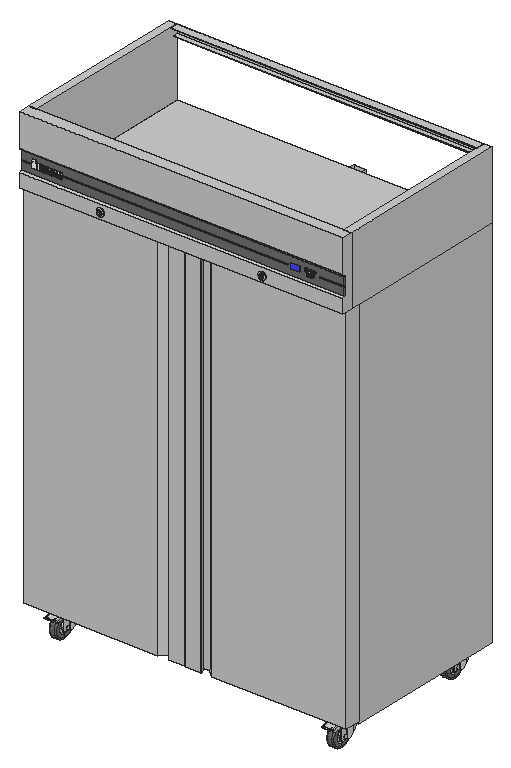
Revit family "QF_INOMAK_CFP2144_250513104343", category Specialty Equipment, Revit 2021
Family settings
  Round Connector Dimension = Use Diameter
  Part Type = Normal
  OmniClass Number = 23.40.40.14
  OmniClass Title = Food Service Equipment
  Work Plane-Based = No
  Always vertical = Yes
  Cut with Voids When Loaded = No
  Shared = No
  Room Calculation Point = No
Parameters (values of type "CFP2144")
  Weight [instance] = 207.999 kg
  Warranty Start Date [instance] = ""
  Warranty Duration [instance] = ""
  Volts [instance] = 230 V
  Volt Free Conn [instance] = no
  URL Recommended Spares List [instance] = ""
  URL Manufacturer [instance] = ""
  URL Cutsheet [instance] = ""
  URL Critical Spares List [instance] = ""
  URL = "www.inomak.com"
  Technical Documentation [instance] = ""
  Tag Number [instance] = ""
  Status [instance] = ""
  Start Up Current [instance] = 0 A
  Specification by User [instance] = ""
  Specification by Manufacturer [instance] = ""
  Sound Level [instance] = ""
  Show Logo [instance] = yes
  Show Clearances [instance] = yes
  Service Life Duration [instance] = ""
  Serial Number [instance] = ""
  Seismic Rating [instance] = ""
  SMACNA No [instance] = ""
  Revision Code [instance] = ""
  Revision [instance] = ""
  Production Year [instance] = ""
  Potential Equalisation [instance] = no
  Point Load [instance] = 0
  Phase [instance] = 1
  Other Equipment Approvals [instance] = ""
  Operational Current [instance] = 0 A
  Number of Poles [instance] = 2
  No Load Power Draw [instance] = no
  NAFEM Spec ID Number [instance] = ""
  Model Warning [instance] = ""
  Model = "CFP2144"
  Min Ckt Ampacity [instance] = 0 A
  Max Overcurrent Protection [instance] = 10 A
  Masterspec [instance] = ""
  Manufacturer = "INOMAK"
  Main switch integrated [instance] = no
  Length Actual [instance] = 1439.926 mm
  Item Number [instance] = ""
  Installed By [instance] = ""
  Installation Date [instance] = ""
  Identify Quantity as Lot [instance] = no
  ID [instance] = ""
  Hygiene Approval [instance] = ""
  Height Actual [instance] = 2100.072 mm
  HP power [instance] = ""
  Furnished By [instance] = ""
  Foodservice Equipment Identifier [instance] = no
  FL Amps [instance] = 6 A
  Electrical Remarks [instance] = ""
  Electric power [instance] = 960 W
  Electric Connection Type [instance] = ""
  Elec Conn RI Height [instance] = 0 mm
  Elec Conn Connection Height [instance] = 0 mm
  ETL Approved [instance] = no
  Description = "CASTANEA FREEZER CABINET WITH 2 GN 2/1 DOORS"
  Depth Actual [instance] = 867.918 mm
  Default Elevation = 0 mm
  Cycle [instance] = 50 Hz
  Cost = 0
  Connection to energy optimisation system [instance] = yes
  Conn Plug [instance] = ""
  Conn Conduit [instance] = no
  Centralized building control system with digital interface [instance] = ""
  CSI MasterFormat [instance] = ""
  CE Approved [instance] = no
  Barcode [instance] = 0
  Author [instance] = ""
  Asset Identifier [instance] = ""
  Apparent Power [instance] = 960 VA
  Accessory [instance] = no
Reference planes
  plane 1 "Center (Front/Back)": y = 0
  plane 2: z = 0
  plane 3 "Center (Left/Right)": x = 0
Forms (mm)
  Extrusion 1, solid, not visible
    sketch origin (1210.059, -2, 1930.094) x (1, 0, 0) y (0, 1, 0)
      loop
        line (-2, 2) -> (-2, -2) -> (2, -2) -> (2, 2) -> (-2, 2)
    from -2 to 2
Dimensions and locks
  locked: Extrusion 1 to nested 2
  locked: nested 2 to Extrusion 1 at 2
  aligned and locked: level to plane 2
Nested families
  nested 1: "QF_INOMAK_REF_CABINETS_2144_2920" at (0, 0, 130), type "CFP2144"
    with Weight 207.999 kg, Warranty Start Date "", Warranty Duration "", URL Cutsheet "", Technical Documentation "", Tag Number "", Status "", Specification by User "", Specification by Manufacturer "", Sound Level "", Solid Fuel Type "", Show Clearances yes, Show Clearance yes, Service Life Duration "", Serial Number "", Seismic Rating "", SMACNA No "", Revision Code "", Revision "", Production Year "", Point Load 0, Other Equipment Approvals "", NAFEM Spec ID Number "", Model Warning "", Masterspec "", Length Actual 1439.926 mm, Item Number "", Installed By "", Installation Date "", Identify Quantity as Lot yes, ID "", Hygiene Approval "", Height Actual 2100.072 mm, Furnished By "", Foodservice Equipment Identifier yes, Finish none, ETL Approved yes, Depth Actual 867.918 mm, CSI MasterFormat "", CE Approved yes, Barcode "", Author "", Asset Identifier "", Accessory no
  nested 2: "CONN_POINT_ELE_2D___Generic_Annotation" at (1210.059, 0, 1930.094), type "CONN_POINT_ELE_2D___Generic_Annotation"
    with Onboard connection annotation symbol visibility yes
  nested 3: "QF_INOMAK_CASTORS_4703" at (0, 0, 0), type "CT-1440-830"
    with Weight 0.00 kg, Warranty Start Date "", Warranty Duration "", URL Cutsheet "", Technical Documentation "", Tag Number "", Status "", Specification by User "", Specification by Manufacturer "", Sound Level "", Solid Fuel Type "", Show Logo yes, Show Clearances yes, Service Life Duration "", Serial Number "", Seismic Rating "", SMACNA No "", Revision Code "", Revision "", Production Year "", Point Load 0, Other Equipment Approvals "", NAFEM Spec ID Number "", Model Warning "", Masterspec "", Length Actual 1439.926 mm, Item Number "", Installed By "", Installation Date "", Identify Quantity as Lot yes, ID "", Hygiene Approval "", Height Actual 130.048 mm, Furnished By "", Foodservice Equipment Identifier yes, ETL Approved yes, Depth Actual 830.072 mm, CSI MasterFormat "", CE Approved yes, Barcode "", Author "", Asset Identifier "", Accessory yes
Connectors
  electrical at (1210.059, 0, 1930.094), driven by "Apparent Power", driven by "Number of Poles", driven by "Volts"
    settings: on Extrusion 1, index 1, voltage 230 V, apparent load 0 VA, apparent load phase1 960 VA, apparent load phase2 0 VA, apparent load phase3 0 VA, power factor 1, load classification "Other", number of poles 2, system type 31, power factor state 1, is connector primary yes, connector utility no, sub classification motor no, connector description "Electrical connection for CFP2144"
Definition of nested family "QF_INOMAK_REF_CABINETS_2144_2920"
  Parameters (values of type "CFP2144")
    Weight [instance] = 0.00 kg
    Warranty Start Date [instance] = ""
    Warranty Duration [instance] = ""
    URL Cutsheet [instance] = ""
    URL = "www.inomak.com"
    Technical Documentation [instance] = ""
    Tag Number [instance] = ""
    Status [instance] = ""
    Specification by User [instance] = ""
    Specification by Manufacturer [instance] = ""
    Sound Level [instance] = ""
    Solid Fuel Type [instance] = ""
    Show Logo = yes
    Show Clearances [instance] = yes
    Show Clearance [instance] = yes
    Service Life Duration [instance] = ""
    Serial Number [instance] = ""
    Seismic Rating [instance] = ""
    SMACNA No [instance] = ""
    Revision Code [instance] = ""
    Revision [instance] = ""
    Production Year [instance] = ""
    Point Load [instance] = 0
    Other Equipment Approvals [instance] = ""
    NAFEM Spec ID Number [instance] = ""
    Model Warning [instance] = ""
    Model = "CFP2144"
    Masterspec [instance] = ""
    Manufacturer = "INOMAK"
    Length Actual [instance] = 0 mm
    Length = 720 mm
    Item Number [instance] = ""
    Installed By [instance] = ""
    Installation Date [instance] = ""
    Identify Quantity as Lot [instance] = yes
    ID [instance] = ""
    Hygiene Approval [instance] = ""
    Height Actual [instance] = 0 mm
    Height = 1985 mm
    Furnished By [instance] = ""
    Foodservice Equipment Identifier [instance] = yes
    Finish [instance] = none
    ETL Approved [instance] = yes
    Description = "CASTANEA FREEZER CABINET WITH 2 GN 2/1 DOORS"
    Depth Actual [instance] = 0 mm
    Depth = 832 mm
    Default Elevation = 0 mm
    CSI MasterFormat [instance] = ""
    CE Approved [instance] = yes
    Barcode [instance] = ""
    Author [instance] = ""
    Asset Identifier [instance] = ""
    Assembly Code = "E1090320"
    Accessory [instance] = yes
  Types (4, lengths in mm): name | Model | Description | Depth
    CFP2144 | "CFP2144" | "CASTANEA FREEZER CABINET WITH 2 GN 2/1 DOORS" | 832
    CEP2144 | "CEP2144" | "CYPRESS CHILLER CABINET WITH 2 GN 2/1 DOORS" | 832
    CEP2144-SL | "CEP2144/SL" | "CLOVER CHILLER CABINET WITH 2 GN 2/1 DOORS, COMPACT DIMENSIONS" | 732
    CFP2144-SL | "CFP2144/SL" | "CLOVER FREEZER CABINET WITH 2 GN 2/1 DOORS, COMPACT DIMENSIONS" | 732
  Reference planes
    plane 1 "Back": y = 0
    plane 2: z = 0
    plane 3 "Left": x = 0
    plane 4 "Right": x = 1440
    plane 5 "Front": y = -832
    plane 6 "Top": z = 1985
  Forms (mm)
    Extrusion 1, solid
      sketch origin (-1732.685, -832, 3995) x (-1, 0, 0) y (0, 0, 1)
        loop
          circle (-3004.815, -2199.02) r 6.965
        loop
          circle (-3021.846, -2199.02) r 6.965
        loop
          circle (-3038.855, -2199.02) r 6.965
        loop
          circle (-3013.341, -2217.021) r 6.965
        loop
          circle (-3030.35, -2217.021) r 6.965
        loop
          circle (-3004.815, -2199.02) r 3.965
        loop
          circle (-3021.846, -2199.02) r 3.965
        loop
          circle (-3038.855, -2199.02) r 3.965
        loop
          circle (-3013.341, -2217.021) r 3.965
        loop
          circle (-3030.35, -2217.021) r 3.965
      from 7.3 to 10.302
    Extrusion 2, solid
      sketch origin (-1732.685, -832, 3995) x (-1, 0, 0) y (0, 0, 1)
        loop
          line (-2977.026, -2195.289) -> (-2977.026, -2218.289) -> (-2937.026, -2218.289) -> (-2937.026, -2195.289) -> (-2977.026, -2195.289)
      from 7.3 to 10.302
    Extrusion 3, solid
      sketch origin (-1732.685, -832, 3995) x (-1, 0, 0) y (0, 0, 1)
        loop
          line (-1732.685, -2167.27) -> (-3172.685, -2167.27) -> (-3172.685, -2246.309) -> (-1732.685, -2246.309) -> (-1732.685, -2167.27)
      from 7.8 to 10.302
    Extrusion 4, solid, visible <- "Show Logo"
      sketch origin (-1732.685, -832, 3995) x (-1, 0, 0) y (0, 0, 1)
        loop
          line (-1776.745, -2194.74) -> (-1782.745, -2194.74) -> (-1782.745, -2183.633) -> (-1796.982, -2183.633) -> (-1796.982, -2194.74) -> (-1802.982, -2194.74) -> (-1802.982, -2220.99) -> (-1776.745, -2220.99) -> (-1776.745, -2194.74)
        loop
          line (-1807.298, -2195.052) -> (-1814.587, -2195.052) -> (-1814.587, -2220.99) -> (-1807.298, -2220.99) -> (-1807.298, -2195.052)
        loop
          line (-1817.107, -2220.99) -> (-1817.107, -2195.052) -> (-1823.94, -2195.052) -> (-1827.134, -2206.971) -> (-1827.134, -2195.052) -> (-1833.666, -2195.052) -> (-1833.666, -2220.99) -> (-1827.134, -2220.99) -> (-1823.42, -2207.127) -> (-1823.42, -2220.99) -> (-1817.107, -2220.99)
        loop
          line (-1854.348, -2220.99) -> (-1854.348, -2195.052) -> (-1863.311, -2195.052) -> (-1865.673, -2209.062) -> (-1868.035, -2195.052) -> (-1876.997, -2195.052) -> (-1876.997, -2220.99) -> (-1870.372, -2220.99) -> (-1870.372, -2207.127) -> (-1868.035, -2220.99) -> (-1863.311, -2220.99) -> (-1860.973, -2207.127) -> (-1860.973, -2220.99) -> (-1854.348, -2220.99)
        loop
          line (-1839.536, -2195.052) -> (-1848.861, -2195.052)
          arc (-1848.861, -2195.052) -> (-1851.458, -2196.128) -> (-1852.533, -2198.724) r 3.672
          line (-1852.533, -2198.724) -> (-1852.533, -2217.318)
          arc (-1852.533, -2217.318) -> (-1851.458, -2219.914) -> (-1848.861, -2220.99) r 3.672
          line (-1848.861, -2220.99) -> (-1839.536, -2220.99)
          arc (-1839.536, -2220.99) -> (-1836.939, -2219.914) -> (-1835.864, -2217.318) r 3.672
          line (-1835.864, -2217.318) -> (-1835.864, -2198.724)
          arc (-1835.864, -2198.724) -> (-1836.939, -2196.128) -> (-1839.536, -2195.052) r 3.672
        loop
          arc (-1843.172, -2198.208) -> (-1844.198, -2197.181) -> (-1845.225, -2198.208) r 1.027
          line (-1845.225, -2198.208) -> (-1845.225, -2216.801)
          arc (-1845.225, -2216.801) -> (-1844.198, -2217.828) -> (-1843.172, -2216.801) r 1.027
          line (-1843.172, -2216.801) -> (-1843.172, -2198.208)
        loop
          line (-1878.066, -2220.99) -> (-1882.439, -2195.052) -> (-1891.3, -2195.052) -> (-1895.673, -2220.99) -> (-1889.146, -2220.99) -> (-1888.536, -2216.027) -> (-1885.203, -2216.027) -> (-1884.593, -2220.99) -> (-1878.066, -2220.99)
        loop
          line (-1885.759, -2211.498) -> (-1886.87, -2202.452) -> (-1887.98, -2211.498) -> (-1885.759, -2211.498)
        loop
          line (-1896.638, -2220.99) -> (-1896.638, -2195.052) -> (-1903.263, -2195.052) -> (-1903.263, -2204.165) -> (-1906.049, -2195.052) -> (-1913.487, -2195.052) -> (-1909.159, -2206.329) -> (-1914.207, -2220.99) -> (-1906.623, -2220.99) -> (-1903.263, -2208.45) -> (-1903.263, -2220.99) -> (-1896.638, -2220.99)
      from 7.3 to 10.3
    Extrusion 5, solid
      sketch origin (-1732.685, -832, 3995) x (-1, 0, 0) y (0, 0, 1)
        loop
          line (-1732.685, -2204.789) -> (-1769.679, -2204.789) -> (-1769.679, -2208.789) -> (-1732.685, -2208.789) -> (-1732.685, -2204.789)
        loop
          line (-1918.161, -2204.789) -> (-2922.526, -2204.789) -> (-2922.526, -2208.789) -> (-1918.161, -2208.789) -> (-1918.161, -2204.789)
        loop
          line (-3172.685, -2204.789) -> (-3172.685, -2208.789) -> (-3064.916, -2208.789) -> (-3064.916, -2204.789) -> (-3172.685, -2204.789)
      from 7.3 to 10.302
    Extrusion 6, solid, material <- "Finish"
      sketch origin (0, 24.612, -1987) x (0, 1, 0) y (0, 0, 1)
        loop
          line (-856.612, 3972) -> (-856.612, 3823.032) -> (-848.31, 3814.73) -> (-848.31, 3735.691) -> (-856.612, 3727.389) -> (-856.612, 3667) -> (-806.612, 3667) -> (-806.612, 3972) -> (-856.612, 3972)
      from 0 to 1440
    Extrusion 7, solid, material <- "Finish"
      sketch origin (0, 0, 1985) x (0, 1, 0) y (-1, 0, 0)
        loop
          line (-782, 0) -> (-782, -35) -> (0, -35) -> (0, 0) -> (-782, 0)
      from 0 to -305
    Extrusion 8, solid, material <- "Finish"
      sketch origin (0, 0, 1985) x (0, 1, 0) y (-1, 0, 0)
        loop
          line (-782, -1440) -> (0, -1440) -> (0, -1405) -> (-782, -1405) -> (-782, -1440)
      from 0 to -305
    Extrusion 9, solid, material <- "Finish"
      sketch origin (360, 24.612, -1987) x (0, 1, 0) y (0, 0, 1)
        loop
          line (-806.612, 3863.915) -> (-806.612, 3667) -> (-686.934, 3667) -> (-686.934, 3744.237) -> (-806.612, 3863.915)
      from -325 to 1045
    Extrusion 10, solid, material <- "Finish"
      sketch origin (40, 24.612, -123) x (0, 1, 0) y (0, 0, 1)
        loop
          line (-683.378, 1913.946) -> (-698.935, 1929.502) -> (-717.143, 1911.294) -> (-715.729, 1909.88) -> (-698.935, 1926.674) -> (-684.793, 1912.532) -> (-683.378, 1913.946)
      from 114.953 to 225
    Extrusion 11, solid, material <- "Finish"
      sketch origin (0, 30.903, -1982) x (0, 1, 0) y (0, 0, 1)
        loop
          line (-30.903, 3967) -> (-70.903, 3967) -> (-70.903, 3965) -> (-32.903, 3965) -> (-32.903, 3929) -> (-55.903, 3929) -> (-55.903, 3927) -> (-30.903, 3927) -> (-30.903, 3967)
      from 35 to 1405
    Extrusion 12, solid, material <- "Finish"
      sketch origin (0, 30.903, -118) x (0, 1, 0) y (0, 0, 1)
        loop
          line (-30.903, 1798) -> (-772.903, 1798) -> (-772.903, 1733) -> (-100.876, 1733) -> (-100.876, 188) -> (-772.903, 188) -> (-772.903, 118) -> (-30.903, 118) -> (-30.903, 1798)
      from 35 to 1405
    Extrusion 13, solid, material <- "Finish"
      sketch origin (0, 30.903, -415.687) x (1, 0, 0) y (0, 1, 0)
        loop
          line (0, -772.903) -> (35, -772.903) -> (35, -30.903) -> (0, -30.903) -> (0, -772.903)
      from 415.687 to 2095.687
    Extrusion 14, solid, material <- "Finish"
      sketch origin (720, 30.903, -415.687) x (-1, 0, 0) y (0, -1, 0)
        loop
          line (-720, 772.903) -> (-720, 30.903) -> (-685, 30.903) -> (-685, 772.903) -> (-720, 772.903)
      from 415.687 to 2095.687
    Revolve 15, solid
      sketch origin (358.942, 24.612, -1987) x (0, 1, 0) y (0, 0, 1)
        loop
          line (-859.012, 3694.152) -> (-856.612, 3694.152) -> (-856.612, 3711.145) -> (-857.612, 3711.145) -> (-861.012, 3706.633) -> (-861.012, 3702.998) -> (-859.012, 3702.998) -> (-859.012, 3694.152)
        axis (-856.612, 3694.152) -> (-861.012, 3694.152)
      angle from 0 to 360
    Extrusion 16, solid
      sketch origin (-2452.685, -832, 3995) x (-1, 0, 0) y (0, 0, 1)
        loop
          line (-2810.827, -2284.348) -> (-2812.827, -2284.348) -> (-2812.827, -2291.348) -> (-2810.827, -2291.348) -> (-2810.827, -2284.348)
        loop
          circle (-2811.627, -2287.848) r 7.846
      from -4.4 to -2.4
    Revolve 17, solid
      sketch origin (1081.058, 24.612, -1987) x (0, 1, 0) y (0, 0, -1)
        loop
          line (-859.012, -3694.152) -> (-859.012, -3702.998) -> (-861.012, -3702.998) -> (-861.012, -3706.633) -> (-857.612, -3711.145) -> (-856.612, -3711.145) -> (-856.612, -3694.152) -> (-859.012, -3694.152)
        axis (-856.612, -3694.152) -> (-861.012, -3694.152)
      angle from 0 to 360
    Extrusion 18, solid
      sketch origin (3892.685, -832, 3995) x (1, 0, 0) y (0, 0, -1)
        loop
          line (-2810.827, 2284.348) -> (-2810.827, 2291.348) -> (-2812.827, 2291.348) -> (-2812.827, 2284.348) -> (-2810.827, 2284.348)
        loop
          circle (-2811.627, 2287.848) r 7.846
      from -4.4 to -2.4
    Extrusion 19, solid, material <- "Finish"
      sketch origin (1400, 24.612, -123) x (0, 1, 0) y (0, 0, -1)
        loop
          line (-683.378, -1913.946) -> (-684.793, -1912.532) -> (-698.935, -1926.674) -> (-715.729, -1909.88) -> (-717.143, -1911.294) -> (-698.935, -1929.502) -> (-683.378, -1913.946)
      from 114.953 to 225
    Extrusion 20, solid, visible <- "Show Clearance", detail levels coarse
      sketch origin (872.304, -180, -18) x (-1, 0, 0) y (0, -1, 0)
        loop
          line (872.304, 1302) -> (804.804, 1302)
          arc (804.804, 1302) -> (341.042, 1101.619) -> (154.804, 632) r 660.076
          line (154.804, 632) -> (872.304, 632) -> (872.304, 1302)
      from 28 to 1695
    Extrusion 21, solid, material <- "Finish"
      sketch origin (25.5, -748.447, 1286.729) x (0, 1, 0) y (-1, 0, 0)
        loop
          line (-63.553, 25.5) -> (-63.553, -575.562) -> (-33.678, -605.437) -> (-33.678, -650.304) -> (-47.56, -652.255) -> (-51.238, -626.088) -> (-60.737, -620.603)
          arc (-60.737, -620.603) -> (-62.614, -620.603) -> (-63.553, -622.228) r 1.877
          line (-63.553, -622.228) -> (-63.553, -692) -> (6.447, -692) -> (6.447, 25.5) -> (-63.553, 25.5)
      from -1276.729 to 390.271
    Extrusion 22, solid, visible <- "Show Clearance", detail levels coarse
      sketch origin (567.696, -180, -18) x (1, 0, 0) y (0, 1, 0)
        loop
          line (872.304, -1302) -> (872.304, -632) -> (154.804, -632)
          arc (154.804, -632) -> (341.042, -1101.619) -> (804.804, -1302) r 660.076
          line (804.804, -1302) -> (872.304, -1302)
      from 28 to 1695
    Extrusion 23, solid, material <- "Finish"
      sketch origin (1414.5, -748.447, 1286.729) x (0, 1, 0) y (-1, 0, 0)
        loop
          line (-63.553, -25.5) -> (6.447, -25.5) -> (6.447, 692) -> (-63.553, 692) -> (-63.553, 622.228)
          arc (-63.553, 622.228) -> (-62.614, 620.603) -> (-60.737, 620.603) r 1.877
          line (-60.737, 620.603) -> (-51.238, 626.088) -> (-47.56, 652.255) -> (-33.678, 650.304) -> (-33.678, 605.437) -> (-63.553, 575.562) -> (-63.553, -25.5)
      from -1276.729 to 390.271
    Extrusion 24, solid, material <- "Finish"
      sketch origin (360, 30.903, -118) x (1, 0, 0) y (0, 1, 0)
        loop
          line (187, 5.097) -> (187, -29.903) -> (175, -29.903) -> (175, -30.903) -> (545, -30.903) -> (545, -29.903) -> (533, -29.903) -> (533, 5.097) -> (187, 5.097)
      from 1156 to 1531
    Extrusion 25, solid, material <- "Finish"
      sketch origin (460, 30.903, -118) x (1, 0, 0) y (0, 1, 0)
        loop
          line (339, 0.097) -> (339, -29.903) -> (325, -29.903) -> (325, -30.903) -> (340, -30.903) -> (340, -0.903) -> (393, -0.903) -> (393, -30.903) -> (408, -30.903) -> (408, -29.903) -> (394, -29.903) -> (394, 0.097) -> (339, 0.097)
      from 1531 to 1793
  Lines and regions (mm)
    symbolic lines
      curve 1: line (0, 0, 0) -> (1440, 0, 0)
      curve 2: line (0, -832, 0) -> (0, 0, 0)
      curve 3: line (1440, -832, 0) -> (0, -832, 0)
      curve 4: line (1440, 0, 0) -> (1440, -832, 0)
      curve 5: line (35, 0, 0) -> (35, -782, 0)
      curve 6: line (35, -782, 0) -> (1405, -782, 0)
      curve 7: line (1405, -782, 0) -> (1405, 0, 0)
      curve 8: line (35, -40, 0) -> (1405, -40, 0)
      curve 9: line (35, -662.322, 0) -> (1405, -662.322, 0)
      curve 16: line (547, 1, 0) -> (547, 36, 0)
      curve 17: line (547, 36, 0) -> (893, 36, 0)
      curve 18: line (893, 36, 0) -> (893, 1, 0)
      curve 19: line (547, 1, 0) -> (535, 1, 0)
      curve 20: line (535, 1, 0) -> (535, 0, 0)
      curve 21: line (893, 1, 0) -> (905, 1, 0)
      curve 22: line (905, 1, 0) -> (905, 0, 0)
      curve 23: line (785, 0, 0) -> (785, 1, 0)
      curve 24: line (785, 1, 0) -> (799, 1, 0)
      curve 25: line (799, 1, 0) -> (799, 31, 0)
      curve 26: line (799, 31, 0) -> (854, 31, 0)
      curve 27: line (854, 31, 0) -> (854, 1, 0)
      curve 28: line (854, 1, 0) -> (868, 1, 0)
      curve 29: line (868, 1, 0) -> (868, 0, 0)
    symbolic lines, visible <- "Show Clearance"
      curve 10: line (67.5, -1482, 0) -> (0, -1482, 0)
      curve 11: line (0, -1482, 0) -> (0, -832, 0)
      curve 12: arc (717.5, -832, 0) -> (524.244, -1288.744, 0) -> (67.5, -1482, 0) r 660.076
      curve 13: line (1372.5, -1482, 0) -> (1440, -1482, 0)
      curve 14: line (1440, -1482, 0) -> (1440, -832, 0)
      curve 15: arc (722.5, -832, 0) -> (915.756, -1288.744, 0) -> (1372.5, -1482, 0) r 660.076
  Dimensions and locks
    plane 3 "Left" to plane 4 "Right" = 1440 mm
    "Depth": plane 5 "Front" to plane 1 "Back"
    "Height": plane 6 "Top" to level
    plane 6 "Top" to level = 1985 mm
    aligned and locked: level to plane 2
    aligned and locked: plane 6 "Top" to Extrusion 6 sketch curve
  Automatic sketch dimensions
    Extrusion 1 sketch curve to Extrusion 1 sketch curve = 0 mm  (x13)
    plane 4 "Right" to Extrusion 1 sketch curve = 133.83 mm
    Extrusion 1 sketch curve to Extrusion 1 sketch curve = 8.505 mm
    Extrusion 1 sketch curve to Extrusion 1 sketch curve = 17.009 mm  (x2)
    Extrusion 1 sketch curve to Extrusion 1 sketch curve = 17.03 mm
    Extrusion 1 sketch curve to plane 6 "Top" = 207.021 mm
    Extrusion 1 sketch curve to Extrusion 1 sketch curve = 18.001 mm
    plane 4 "Right" to Extrusion 2 sketch curve = 195.659 mm
    Extrusion 2 sketch curve to Extrusion 2 sketch curve = 40 mm
    Extrusion 2 sketch curve to plane 6 "Top" = 208.289 mm
    Extrusion 2 sketch curve to Extrusion 2 sketch curve = 23 mm
    plane 4 "Right" to Extrusion 3 sketch curve = 0 mm
    Extrusion 3 sketch curve to plane 3 "Left" = 0 mm
    Extrusion 3 sketch curve to plane 6 "Top" = 236.309 mm
    Extrusion 3 sketch curve to Extrusion 3 sketch curve = 79.039 mm
    plane 3 "Left" to Extrusion 4 sketch curve = 181.522 mm
    Extrusion 4 sketch curve to Extrusion 4 sketch curve = 0.72 mm
    Extrusion 4 sketch curve to Extrusion 4 sketch curve = 4.329 mm
    Extrusion 4 sketch curve to Extrusion 4 sketch curve = 7.584 mm
    Extrusion 4 sketch curve to Extrusion 4 sketch curve = 7.438 mm
    Extrusion 4 sketch curve to Extrusion 4 sketch curve = 5.895 mm
    Extrusion 4 sketch curve to Extrusion 4 sketch curve = 0 mm  (x16)
    Extrusion 4 sketch curve to Extrusion 4 sketch curve = 6.625 mm  (x2)
    Extrusion 4 sketch curve to Extrusion 4 sketch curve = 0.965 mm
    Extrusion 4 sketch curve to Extrusion 4 sketch curve = 5.338 mm
    Extrusion 4 sketch curve to Extrusion 4 sketch curve = 6.527 mm  (x2)
    Extrusion 4 sketch curve to Extrusion 4 sketch curve = 0.609 mm
    Extrusion 4 sketch curve to Extrusion 4 sketch curve = 0.556 mm
    Extrusion 4 sketch curve to Extrusion 4 sketch curve = 4.43 mm  (x2)
    Extrusion 4 sketch curve to Extrusion 4 sketch curve = 2.222 mm
    Extrusion 4 sketch curve to Extrusion 4 sketch curve = 3.334 mm
    Extrusion 4 sketch curve to Extrusion 4 sketch curve = 4.552 mm
    Extrusion 4 sketch curve to Extrusion 4 sketch curve = 1.069 mm
    Extrusion 4 sketch curve to Extrusion 4 sketch curve = 8.962 mm  (x2)
    Extrusion 4 sketch curve to Extrusion 4 sketch curve = 2.337 mm
    Extrusion 4 sketch curve to Extrusion 4 sketch curve = 4.699 mm  (x2)
    Extrusion 4 sketch curve to Extrusion 4 sketch curve = 4.724 mm  (x2)
    Extrusion 4 sketch curve to Extrusion 4 sketch curve = 1.815 mm
    Extrusion 4 sketch curve to Extrusion 4 sketch curve = 3.672 mm  (x6)
    Extrusion 4 sketch curve to Extrusion 4 sketch curve = 3.636 mm  (x3)
    Extrusion 4 sketch curve to Extrusion 4 sketch curve = 1.027 mm
    Extrusion 4 sketch curve to Extrusion 4 sketch curve = 2.197 mm
    Extrusion 4 sketch curve to Extrusion 4 sketch curve = 6.532 mm  (x2)
    Extrusion 4 sketch curve to Extrusion 4 sketch curve = 3.194 mm
    Extrusion 4 sketch curve to Extrusion 4 sketch curve = 3.714 mm
    Extrusion 4 sketch curve to Extrusion 4 sketch curve = 6.312 mm
    Extrusion 4 sketch curve to Extrusion 4 sketch curve = 2.52 mm
    Extrusion 4 sketch curve to Extrusion 4 sketch curve = 7.29 mm
    Extrusion 4 sketch curve to Extrusion 4 sketch curve = 4.315 mm
    Extrusion 4 sketch curve to Extrusion 4 sketch curve = 6 mm
    Extrusion 4 sketch curve to Extrusion 4 sketch curve = 14.237 mm
    Extrusion 4 sketch curve to Extrusion 4 sketch curve = 26.237 mm
    Extrusion 4 sketch curve to plane 6 "Top" = 210.99 mm
    Extrusion 4 sketch curve to Extrusion 4 sketch curve = 0.516 mm  (x2)
    Extrusion 4 sketch curve to Extrusion 4 sketch curve = 4.963 mm
    Extrusion 4 sketch curve to Extrusion 4 sketch curve = 4.529 mm
    Extrusion 4 sketch curve to Extrusion 4 sketch curve = 11.927 mm
    Extrusion 4 sketch curve to Extrusion 4 sketch curve = 12.539 mm
    Extrusion 4 sketch curve to Extrusion 4 sketch curve = 1.935 mm  (x2)
    Extrusion 4 sketch curve to Extrusion 4 sketch curve = 13.862 mm
    Extrusion 4 sketch curve to Extrusion 4 sketch curve = 0.157 mm
    Extrusion 4 sketch curve to Extrusion 4 sketch curve = 2.122 mm
    Extrusion 4 sketch curve to Extrusion 4 sketch curve = 4.285 mm
    Extrusion 4 sketch curve to Extrusion 4 sketch curve = 9.047 mm
    Extrusion 4 sketch curve to Extrusion 4 sketch curve = 8.403 mm
    Extrusion 4 sketch curve to Extrusion 4 sketch curve = 12.075 mm
    Extrusion 4 sketch curve to Extrusion 4 sketch curve = 26.25 mm
    Extrusion 4 sketch curve to Extrusion 4 sketch curve = 0.312 mm
    Extrusion 4 sketch curve to Extrusion 4 sketch curve = 11.107 mm
    plane 4 "Right" to Extrusion 5 sketch curve = 0 mm
    Extrusion 5 sketch curve to plane 3 "Left" = 0 mm
    Extrusion 5 sketch curve to Extrusion 5 sketch curve = 107.768 mm
    Extrusion 5 sketch curve to Extrusion 5 sketch curve = 142.39 mm
    plane 3 "Left" to Extrusion 5 sketch curve = 185.476 mm
    plane 3 "Left" to Extrusion 5 sketch curve = 36.995 mm
    Extrusion 5 sketch curve to plane 6 "Top" = 198.789 mm
    Extrusion 5 sketch curve to Extrusion 5 sketch curve = 0 mm  (x2)
    Extrusion 5 sketch curve to Extrusion 5 sketch curve = 4 mm  (x3)
    Extrusion 6 sketch curve to plane 5 "Front" = 0 mm  (x2)
    plane 5 "Front" to Extrusion 6 sketch curve = 8.302 mm
    Extrusion 6 sketch curve to Extrusion 6 sketch curve = 50 mm
    Extrusion 6 sketch curve to plane 6 "Top" = 148.968 mm
    Extrusion 6 sketch curve to Extrusion 6 sketch curve = 8.302 mm  (x2)
    Extrusion 6 sketch curve to Extrusion 6 sketch curve = 79.039 mm
    Extrusion 6 sketch curve to Extrusion 6 sketch curve = 60.389 mm
    plane 5 "Front" to Extrusion 9 sketch curve = 50 mm
    Extrusion 9 sketch curve to Extrusion 9 sketch curve = 119.678 mm
    Extrusion 9 sketch curve to plane 6 "Top" = 305 mm
    Extrusion 9 sketch curve to Extrusion 9 sketch curve = 77.237 mm
    Extrusion 9 sketch curve to plane 6 "Top" = 108.085 mm
    plane 5 "Front" to Extrusion 10 sketch curve = 139.47 mm
    Extrusion 10 sketch curve to Extrusion 10 sketch curve = 1.414 mm  (x2)
    Extrusion 10 sketch curve to Extrusion 10 sketch curve = 16.794 mm
    Extrusion 10 sketch curve to Extrusion 10 sketch curve = 0 mm
    Extrusion 10 sketch curve to Extrusion 10 sketch curve = 14.142 mm
    Extrusion 10 sketch curve to plane 6 "Top" = 198.12 mm
    Extrusion 11 sketch curve to plane 6 "Top" = 0 mm
    Extrusion 11 sketch curve to plane 1 "Back" = 0 mm
    plane 1 "Back" to Extrusion 11 sketch curve = 2 mm
    Extrusion 11 sketch curve to Extrusion 11 sketch curve = 23 mm
    Extrusion 11 sketch curve to Extrusion 11 sketch curve = 38 mm
    Extrusion 11 sketch curve to Extrusion 11 sketch curve = 2 mm  (x2)
    Extrusion 11 sketch curve to Extrusion 11 sketch curve = 36 mm
    Extrusion 12 sketch curve to level = 0 mm
    Extrusion 12 sketch curve to plane 1 "Back" = 0 mm
    plane 1 "Back" to Extrusion 12 sketch curve = 69.973 mm
    plane 5 "Front" to Extrusion 12 sketch curve = 90 mm  (x2)
    level to Extrusion 12 sketch curve = 70 mm
    Extrusion 12 sketch curve to plane 6 "Top" = 370 mm
    Extrusion 12 sketch curve to Extrusion 12 sketch curve = 65 mm
    plane 1 "Back" to Extrusion 13 sketch curve = 0 mm
    Extrusion 13 sketch curve to plane 3 "Left" = 0 mm
    plane 3 "Left" to Extrusion 13 sketch curve = 35 mm
    plane 5 "Front" to Extrusion 13 sketch curve = 90 mm
    plane 1 "Back" to Extrusion 14 sketch curve = 0 mm
    Extrusion 14 sketch curve to plane 4 "Right" = 0 mm
    Extrusion 14 sketch curve to Extrusion 14 sketch curve = 35 mm
    plane 5 "Front" to Extrusion 14 sketch curve = 90 mm
    Revolve 15 sketch curve to plane 5 "Front" = 0 mm
    Revolve 15 sketch curve to plane 5 "Front" = 1 mm
    Revolve 15 sketch curve to plane 5 "Front" = 2.4 mm
    Revolve 15 sketch curve to Revolve 15 sketch curve = 2 mm
    Revolve 15 sketch curve to plane 6 "Top" = 277.848 mm
    Revolve 15 sketch curve to Revolve 15 sketch curve = 8.846 mm
    Revolve 15 sketch curve to Revolve 15 sketch curve = 3.635 mm
    Revolve 15 sketch curve to Revolve 15 sketch curve = 4.512 mm
    Revolve 15 sketch curve to Revolve 15 sketch curve = 0 mm  (x2)
    Revolve 15 sketch curve to Revolve 15 sketch curve = 4.096 mm
    plane 3 "Left" to Extrusion 16 sketch curve = 360.142 mm
    Extrusion 16 sketch curve to Extrusion 16 sketch curve = 1.2 mm
    Extrusion 16 sketch curve to Extrusion 16 sketch curve = 2 mm
    Extrusion 16 sketch curve to plane 6 "Top" = 281.348 mm
    Extrusion 16 sketch curve to Extrusion 16 sketch curve = 3.5 mm  (x2)
    Revolve 17 sketch curve to plane 5 "Front" = 0 mm
    Revolve 17 sketch curve to plane 5 "Front" = 1 mm
    Revolve 17 sketch curve to plane 5 "Front" = 2.4 mm
    Revolve 17 sketch curve to Revolve 17 sketch curve = 2 mm
    Revolve 17 sketch curve to plane 6 "Top" = 260.855 mm
    Revolve 17 sketch curve to Revolve 17 sketch curve = 4.512 mm
    Revolve 17 sketch curve to Revolve 17 sketch curve = 3.635 mm
    Revolve 17 sketch curve to Revolve 17 sketch curve = 8.846 mm
    Revolve 17 sketch curve to Revolve 17 sketch curve = 0 mm  (x2)
    Revolve 17 sketch curve to Revolve 17 sketch curve = 4.096 mm
    plane 4 "Right" to Extrusion 18 sketch curve = 360.142 mm
    Extrusion 18 sketch curve to Extrusion 18 sketch curve = 1.2 mm
    Extrusion 18 sketch curve to Extrusion 18 sketch curve = 2 mm
    Extrusion 18 sketch curve to plane 6 "Top" = 274.348 mm
    Extrusion 18 sketch curve to Extrusion 18 sketch curve = 3.5 mm  (x2)
    plane 5 "Front" to Extrusion 19 sketch curve = 139.47 mm
    Extrusion 19 sketch curve to Extrusion 19 sketch curve = 1.414 mm
    Extrusion 19 sketch curve to Extrusion 19 sketch curve = 16.794 mm
    Extrusion 19 sketch curve to Extrusion 19 sketch curve = 0 mm
    Extrusion 19 sketch curve to Extrusion 19 sketch curve = 14.142 mm
    Extrusion 19 sketch curve to plane 6 "Top" = 178.498 mm
    Extrusion 19 sketch curve to Extrusion 19 sketch curve = 12.728 mm
    Extrusion 20 sketch curve to plane 3 "Left" = 0 mm
    plane 5 "Front" to Extrusion 20 sketch curve = 10 mm
    plane 3 "Left" to Extrusion 20 sketch curve = 57.5 mm
    plane 3 "Left" to Extrusion 20 sketch curve = 67.5 mm
    plane 5 "Front" to Extrusion 20 sketch curve = 20 mm
    Extrusion 20 sketch curve to Extrusion 20 sketch curve = 660 mm
    Extrusion 21 sketch curve to plane 3 "Left" = 0 mm
    plane 5 "Front" to Extrusion 21 sketch curve = 20 mm  (x2)
    Extrusion 21 sketch curve to Extrusion 21 sketch curve = 1.877 mm
    Extrusion 21 sketch curve to Extrusion 21 sketch curve = 0.938 mm
    Extrusion 21 sketch curve to Extrusion 21 sketch curve = 9.5 mm
    Extrusion 21 sketch curve to Extrusion 21 sketch curve = 3.678 mm
    Extrusion 21 sketch curve to Extrusion 21 sketch curve = 13.882 mm
    Extrusion 21 sketch curve to Extrusion 21 sketch curve = 70 mm
    plane 3 "Left" to Extrusion 21 sketch curve = 601.062 mm
    Extrusion 21 sketch curve to Extrusion 21 sketch curve = 29.874 mm
    Extrusion 21 sketch curve to Extrusion 21 sketch curve = 15.166 mm
    Extrusion 21 sketch curve to Extrusion 21 sketch curve = 5.485 mm
    Extrusion 21 sketch curve to Extrusion 21 sketch curve = 24.216 mm
    Extrusion 21 sketch curve to Extrusion 21 sketch curve = 41.696 mm
    Extrusion 22 sketch curve to plane 4 "Right" = 0 mm
    plane 5 "Front" to Extrusion 22 sketch curve = 10 mm
    plane 4 "Right" to Extrusion 22 sketch curve = 57.5 mm
    plane 4 "Right" to Extrusion 22 sketch curve = 67.5 mm
    plane 5 "Front" to Extrusion 22 sketch curve = 20 mm
    Extrusion 22 sketch curve to Extrusion 22 sketch curve = 660 mm
    Extrusion 23 sketch curve to plane 4 "Right" = 0 mm
    plane 5 "Front" to Extrusion 23 sketch curve = 20 mm  (x2)
    Extrusion 23 sketch curve to Extrusion 23 sketch curve = 1.877 mm
    Extrusion 23 sketch curve to Extrusion 23 sketch curve = 0.938 mm
    Extrusion 23 sketch curve to Extrusion 23 sketch curve = 9.5 mm
    Extrusion 23 sketch curve to Extrusion 23 sketch curve = 3.678 mm
    Extrusion 23 sketch curve to Extrusion 23 sketch curve = 13.882 mm
    Extrusion 23 sketch curve to Extrusion 23 sketch curve = 70 mm
    plane 4 "Right" to Extrusion 23 sketch curve = 601.062 mm
    Extrusion 23 sketch curve to Extrusion 23 sketch curve = 29.874 mm
    Extrusion 23 sketch curve to Extrusion 23 sketch curve = 15.166 mm
    Extrusion 23 sketch curve to Extrusion 23 sketch curve = 5.485 mm
    Extrusion 23 sketch curve to Extrusion 23 sketch curve = 24.216 mm
    Extrusion 23 sketch curve to Extrusion 23 sketch curve = 39.745 mm
    Extrusion 7 sketch curve to plane 3 "Left" = 0 mm
    plane 1 "Back" to Extrusion 7 sketch curve = 0 mm
    plane 5 "Front" to Extrusion 7 sketch curve = 50 mm
    plane 3 "Left" to Extrusion 7 sketch curve = 35 mm
    Extrusion 8 sketch curve to plane 4 "Right" = 0 mm
    plane 1 "Back" to Extrusion 8 sketch curve = 0 mm
    plane 5 "Front" to Extrusion 8 sketch curve = 50 mm
    Extrusion 8 sketch curve to Extrusion 8 sketch curve = 35 mm
    plane 1 "Back" to Extrusion 24 sketch curve = 0 mm
    Extrusion 24 sketch curve to plane 1 "Back" = 1 mm  (x2)
    plane 3 "Left" to Extrusion 24 sketch curve = 535 mm
    Extrusion 24 sketch curve to Extrusion 24 sketch curve = 12 mm  (x2)
    Extrusion 24 sketch curve to plane 1 "Back" = 36 mm
    Extrusion 24 sketch curve to Extrusion 24 sketch curve = 346 mm
    plane 1 "Back" to Extrusion 25 sketch curve = 0 mm  (x2)
    plane 3 "Left" to Extrusion 25 sketch curve = 785 mm
    Extrusion 25 sketch curve to plane 1 "Back" = 1 mm  (x2)
    Extrusion 25 sketch curve to Extrusion 25 sketch curve = 14 mm  (x2)
    Extrusion 25 sketch curve to Extrusion 25 sketch curve = 1 mm  (x3)
    Extrusion 25 sketch curve to Extrusion 25 sketch curve = 53 mm
    Extrusion 25 sketch curve to Extrusion 25 sketch curve = 29 mm
    curve 1 to plane 3 "Left" = 0 mm
    curve 12 to plane 5 "Front" = 0 mm
    curve 13 to plane 4 "Right" = 0 mm
    plane 3 "Left" to curve 5 = 35 mm
    plane 5 "Front" to curve 12 = 10 mm
    curve 5 to curve 12 = 22.5 mm
    plane 3 "Left" to curve 10 = 67.5 mm
    curve 19 to plane 1 "Back" = 1 mm
    curve 5 to curve 19 = 500 mm
    curve 19 to curve 17 = 12 mm
    curve 24 to plane 1 "Back" = 1 mm
    curve 16 to curve 24 = 238 mm
    curve 23 to curve 25 = 14 mm
    curve 27 to plane 1 "Back" = 1 mm
    curve 24 to curve 27 = 55 mm
    curve 27 to curve 29 = 14 mm
    curve 18 to plane 1 "Back" = 1 mm
    curve 28 to curve 18 = 25 mm
    curve 18 to curve 22 = 12 mm
    plane 4 "Right" to curve 13 = 67.5 mm
    plane 5 "Front" to curve 15 = 10 mm
    plane 4 "Right" to curve 15 = 57.5 mm
    plane 4 "Right" to curve 6 = 35 mm
    curve 10 to plane 5 "Front" = 650 mm
    curve 13 to curve 3 = 650 mm
    curve 12 to curve 5 = 40 mm
    curve 27 to curve 27 = 30 mm
    curve 16 to curve 17 = 35 mm
    curve 6 to curve 9 = 119.678 mm
    plane 1 "Back" to curve 8 = 40 mm
    plane 1 "Back" to curve 2 = 0 mm
    radius of Extrusion 1 sketch curve = 6.965 mm  (x5)
    radius of Extrusion 1 sketch curve = 3.965 mm  (x5)
    radius of Extrusion 16 sketch curve = 7.846 mm
    radius of Extrusion 18 sketch curve = 7.846 mm
Definition of nested family "QF_INOMAK_CASTORS_4703"
  Parameters (values of type "CT-1105-600")
    Weight [instance] = 0.00 kg
    Warranty Start Date [instance] = ""
    Warranty Duration [instance] = ""
    URL Cutsheet [instance] = ""
    URL = "www.inomak.com"
    Technical Documentation [instance] = ""
    Tag Number [instance] = ""
    Status [instance] = ""
    Specification by User [instance] = ""
    Specification by Manufacturer [instance] = ""
    Sound Level [instance] = ""
    Solid Fuel Type [instance] = ""
    Show Logo [instance] = yes
    Show Clearances [instance] = yes
    Service Life Duration [instance] = ""
    Serial Number [instance] = ""
    Seismic Rating [instance] = ""
    SMACNA No [instance] = ""
    Right offset = 300 mm
    Revision Code [instance] = ""
    Revision [instance] = ""
    Rear offset = 60 mm
    Production Year [instance] = ""
    Point Load [instance] = 0
    Other Equipment Approvals [instance] = ""
    NAFEM Spec ID Number [instance] = ""
    Model Warning [instance] = ""
    Model = "CT"
    Masterspec [instance] = ""
    Manufacturer = "INOMAK"
    Length Actual [instance] = 0 mm
    Length = 1103 mm
    Left offset = 60 mm
    Item Number [instance] = ""
    Installed By [instance] = ""
    Installation Date [instance] = ""
    Identify Quantity as Lot [instance] = yes
    ID [instance] = ""
    Hygiene Approval [instance] = ""
    Height Actual [instance] = 0 mm
    Height = 130 mm
    Furnished By [instance] = ""
    Front offset = 150 mm
    Foodservice Equipment Identifier [instance] = yes
    ETL Approved [instance] = yes
    Description = "WHEELS"
    Depth Actual [instance] = 0 mm
    Depth = 600 mm
    Default Elevation = 0 mm
    CentralLegs = if(Length > 1900 mm, 2 > 1, 2 < 1)  # no
    CSI MasterFormat [instance] = ""
    CE Approved [instance] = yes
    Barcode [instance] = ""
    Author [instance] = ""
    Asset Identifier [instance] = ""
    Assembly Code = "E1090320"
    Accessory [instance] = yes
  Types (12, lengths in mm): name | Right offset | Rear offset | Length | Left offset | Front offset | Depth | CentralLegs
    CT-720-830 | 100 | 60 | 720 | 100 | 140 | 830 | no
    CT-1105-700 | 300 | 60 | 1103 | 60 | 150 | 700 | no
    CT-1440-730 | 100 | 60 | 1440 | 100 | 140 | 730 | no
    CT-720-730 | 100 | 60 | 720 | 100 | 140 | 730 | no
    CT-1410-700 | 60 | 90 | 1406 | 60 | 150 | 700 | no
    CT-1795-700 | 60 | 90 | 1792 | 60 | 150 | 700 | no
    CT-1440-830 | 100 | 60 | 1440 | 100 | 140 | 830 | no
    CT-1545-700 | 300 | 90 | 1546 | 100 | 150 | 700 | no
    CT-1995-700 | 300 | 90 | 1996 | 100 | 150 | 700 | yes
    CT-1105-600 | 300 | 60 | 1103 | 60 | 150 | 600 | no
    CT-1545-600 | 300 | 90 | 1546 | 100 | 150 | 600 | no
    CT-1995-600 | 300 | 90 | 1996 | 100 | 150 | 600 | yes
  Reference planes
    plane 1 "Back": y = 0
    plane 2: z = 0
    plane 3 "Left": x = 0
    plane 4 "Right": x = 1103
    plane 5 "Front": y = -600
    plane 6 "Top": z = 130
    plane 7 "Left offset": x = 60
    plane 8 "Right offset": x = 803
    plane 9 "Rear offset": y = -60
    plane 10 "Front offset": y = -450
    plane 11: x = 431.5
  Dimensions and locks
    "Length": plane 3 "Left" to plane 4 "Right"
    "Depth": plane 5 "Front" to plane 1 "Back"
    "Left offset": plane 3 "Left" to plane 7 "Left offset"
    "Right offset": plane 8 "Right offset" to plane 4 "Right"
    "Rear offset": plane 9 "Rear offset" to plane 1 "Back"
    "Front offset": plane 10 "Front offset" to plane 5 "Front"
    plane 6 "Top" to level = 130 mm
    equal spacing: plane 7 "Left offset", plane 11, plane 8 "Right offset"
    aligned and locked: level to plane 2
    aligned and locked: nested 1 to plane 7 "Left offset"
    aligned and locked: nested 1 to plane 10 "Front offset"
    aligned and locked: nested 2 to plane 8 "Right offset"
    aligned and locked: nested 2 to plane 10 "Front offset"
    aligned and locked: nested 3 to plane 7 "Left offset"
    aligned and locked: nested 3 to plane 9 "Rear offset"
    aligned and locked: nested 4 to plane 8 "Right offset"
    aligned and locked: nested 4 to plane 9 "Rear offset"
    aligned and locked: nested 5 to plane 11
    aligned and locked: nested 5 to plane 10 "Front offset"
  Nested families
    nested 1: "QF_INOMAK_CASTOR_BRAKES" at (60, -450, 0), type "QF_INOMAK_CASTOR_BRAKES"
    nested 2: "QF_INOMAK_CASTOR_BRAKES" at (803, -450, 0), type "QF_INOMAK_CASTOR_BRAKES"
    nested 3: "QF_INOMAK_CASTOR" at (60, -60, 0), type "QF_INOMAK_CASTOR"
    nested 4: "QF_INOMAK_CASTOR" at (803, -60, 0), type "QF_INOMAK_CASTOR"
    nested 5: "QF_INOMAK_CASTOR_BRAKES" at (431.5, -450, 0), visible <- "CentralLegs", type "QF_INOMAK_CASTOR_BRAKES"
  Definition of nested family "QF_INOMAK_CASTOR_BRAKES"
    Parameters (values of type "QF_INOMAK_CASTOR_BRAKES")
      Default Elevation = 0 mm
    Reference planes
      plane 1 "Center (Front/Back)": y = 0
      plane 2: z = 0
      plane 3 "Center (Left/Right)": x = 0
    Forms (mm)
      Extrusion 1, solid
        sketch origin (-55, 171.5, 124.5) x (1, 0, 0) y (0, 1, 0)
          loop
            line (12.5, -214) -> (97.5, -214)
            arc (97.5, -214) -> (104.571, -211.071) -> (107.5, -204) r 10
            line (107.5, -204) -> (107.5, -139)
            arc (107.5, -139) -> (104.571, -131.929) -> (97.5, -129) r 10
            line (97.5, -129) -> (12.5, -129)
            arc (12.5, -129) -> (5.429, -131.929) -> (2.5, -139) r 10
            line (2.5, -139) -> (2.5, -204)
            arc (2.5, -204) -> (5.429, -211.071) -> (12.5, -214) r 10
        from 0 to 5.5
      Extrusion 2, solid
        sketch origin (-55, 146, 24.5) x (1, 0, 0) y (0, 1, 0)
          loop
            circle (55, -146) r 36
          loop
            circle (55, -146) r 34
        from 12 to 100
      Extrusion 3, void
        sketch origin (-37.5, 146, -28.526) x (0, 1, 0) y (0, 0, 1)
          loop
            line (-105, 63.026) -> (-105, 139.692) -> (-158.75, 68.026)
            arc (-158.75, 68.026) -> (-160.956, 66.036) -> (-163.75, 65.026) r 7.727
            line (-163.75, 65.026) -> (-175, 65.026) -> (-175, 136.026) -> (-182, 136.026) -> (-182, 63.026) -> (-105, 63.026)
        from 0 to 75
      Revolve 4, solid
        sketch origin (0, -37.5, -3.552) x (1, 0, 0) y (0, 0, 1)
          loop
            arc (10, 3.552) -> (13.536, 5.016) -> (15, 8.552) r 5
            line (15, 8.552) -> (15, 22.052) -> (-15, 22.052) -> (-15, 8.552)
            arc (-15, 8.552) -> (-13.536, 5.016) -> (-10, 3.552) r 5
            line (-10, 3.552) -> (10, 3.552)
          axis (-15, 53.552) -> (15, 53.552)
        angle from 0 to 360
      Extrusion 5, solid
        sketch origin (-21.466, 171.5, -31.526) x (0, 1, 0) y (0, 0, 1)
          loop
            line (-200.5, 68.026) -> (-200.5, 139.026) -> (-222.5, 139.026) -> (-267.507, 126.05)
            arc (-267.507, 126.05) -> (-264.51, 121.7) -> (-259.5, 120.026) r 8.333
            line (-259.5, 120.026) -> (-224.5, 120.026) -> (-224.5, 76.026)
            arc (-224.5, 76.026) -> (-222.157, 70.369) -> (-216.5, 68.026) r 8
            line (-216.5, 68.026) -> (-200.5, 68.026)
        from -3.534 to -1.534
      Extrusion 6, solid
        sketch origin (-34, 171.5, -14) x (0, 1, 0) y (0, 0, 1)
          loop
            circle (-209, 64) r 12.5
        from 11 to 57
      Revolve 7, solid
        sketch origin (-55, -37.5, -3.552) x (1, 0, 0) y (0, 0, 1)
          loop
            arc (65, 22.052) -> (61.464, 23.516) -> (60, 27.052) r 5
            line (60, 27.052) -> (60, 53.526) -> (50, 53.526) -> (50, 27.052)
            arc (50, 27.052) -> (48.536, 23.516) -> (45, 22.052) r 5
            line (45, 22.052) -> (65, 22.052)
          axis (45, 53.526) -> (65, 53.526)
        angle from 0 to 360
      Extrusion 8, solid
        sketch origin (21.466, 171.5, -31.526) x (0, 1, 0) y (0, 0, -1)
          loop
            line (-200.5, -68.026) -> (-216.5, -68.026)
            arc (-216.5, -68.026) -> (-222.157, -70.369) -> (-224.5, -76.026) r 8
            line (-224.5, -76.026) -> (-224.5, -120.026) -> (-259.5, -120.026)
            arc (-259.5, -120.026) -> (-264.51, -121.7) -> (-267.507, -126.05) r 8.333
            line (-267.507, -126.05) -> (-222.5, -139.026) -> (-200.5, -139.026) -> (-200.5, -68.026)
        from -3.534 to -1.534
      Extrusion 9, solid
        sketch origin (250, -359.196, -27.974) x (1, 0, 0) y (0, 1, 0)
          loop
            line (-275, 330.196) -> (-273, 330.196)
            arc (-273, 330.196) -> (-273.274, 332.754) -> (-274.083, 335.196) r 12.082
            line (-274.083, 335.196) -> (-276.833, 335.196)
            arc (-276.833, 335.196) -> (-275.473, 332.858) -> (-275, 330.196) r 7.737
        from 64.474 to 135.474
      Extrusion 10, solid
        sketch origin (-250, -359.196, -27.974) x (-1, 0, 0) y (0, -1, 0)
          loop
            arc (-275, -330.196) -> (-275.473, -332.858) -> (-276.833, -335.196) r 7.737
            line (-276.833, -335.196) -> (-274.083, -335.196)
            arc (-274.083, -335.196) -> (-273.274, -332.754) -> (-273, -330.196) r 12.082
            line (-273, -330.196) -> (-275, -330.196)
        from 64.474 to 135.474
      Sweep 11, solid
        path origin (0, -359.196, -27.974) x (0, 1, 0) y (0, 0, 1)
          loop
            line (338.196, 135.474) -> (308.196, 135.474) -> (263.189, 122.499)
        profile origin (0, -36, 107.5) x (0, 0, -1) y (1, 0, 0)
          loop
            arc (-4, -21) -> (-2.828, -23.828) -> (0, -25) r 4
            line (0, -25) -> (0, -23)
            arc (0, -23) -> (-1.414, -22.414) -> (-2, -21) r 2
            line (-2, -21) -> (-2, 21)
            arc (-2, 21) -> (-1.414, 22.414) -> (0, 23) r 2
            line (0, 23) -> (0, 25)
            arc (0, 25) -> (-2.828, 23.828) -> (-4, 21) r 4
            line (-4, 21) -> (-4, -21)
      Extrusion 12, solid
        sketch origin (-15, -620.032, 471.611) x (1, 0, 0) y (0, 0.809942, -0.58651)
          loop
            line (0, 640.696) -> (0, 622.696) -> (6, 617.696) -> (24, 617.696) -> (30, 622.696) -> (30, 640.696) -> (0, 640.696)
        from 0 to 2
      Extrusion 13, solid
        sketch origin (-10, -688.801, 95.837) x (0, 1, 0) y (0, 0, 1)
          loop
            line (587.696, 0) -> (592.196, -3.259)
            arc (592.196, -3.259) -> (593.446, -3.664) -> (594.696, -3.259) r 2.131
            line (594.696, -3.259) -> (604.172, 4.031) -> (598.943, 2.532) -> (594.631, -0.785)
            arc (594.631, -0.785) -> (593.44, -1.2) -> (592.238, -0.82) r 2
            line (592.238, -0.82) -> (588.869, 1.62) -> (587.696, 0)
        from 0 to 20
      Extrusion 14, solid
        sketch origin (-31, -958.08, 50) x (0, 1, 0) y (0, 0, 1)
          loop
            line (924.33, -6.495) -> (928.08, 0) -> (924.33, 6.495) -> (916.83, 6.495) -> (913.08, 0) -> (916.83, -6.495) -> (924.33, -6.495)
        from 0 to 62
    Cuts and joins
      Extrusion 3 cuts Extrusion 2
      Extrusion 3 cuts Extrusion 9
      Extrusion 3 cuts Extrusion 10
    Dimensions and locks
      aligned and locked: level to plane 2
  Definition of nested family "QF_INOMAK_CASTOR"
    Parameters (values of type "QF_INOMAK_CASTOR")
      Default Elevation = 0 mm
    Reference planes
      plane 1 "Center (Front/Back)": y = 0
      plane 2: z = 0
      plane 3 "Center (Left/Right)": x = 0
    Forms (mm)
      Extrusion 1, solid
        sketch origin (-55, 171.5, 124.5) x (1, 0, 0) y (0, 1, 0)
          loop
            line (12.5, -214) -> (97.5, -214)
            arc (97.5, -214) -> (104.571, -211.071) -> (107.5, -204) r 10
            line (107.5, -204) -> (107.5, -139)
            arc (107.5, -139) -> (104.571, -131.929) -> (97.5, -129) r 10
            line (97.5, -129) -> (12.5, -129)
            arc (12.5, -129) -> (5.429, -131.929) -> (2.5, -139) r 10
            line (2.5, -139) -> (2.5, -204)
            arc (2.5, -204) -> (5.429, -211.071) -> (12.5, -214) r 10
        from 0 to 5.5
      Extrusion 2, solid
        sketch origin (-55, 146, 24.5) x (1, 0, 0) y (0, 1, 0)
          loop
            circle (55, -146) r 36
          loop
            circle (55, -146) r 34
        from 12 to 100
      Extrusion 3, void
        sketch origin (-37.5, 146, -28.526) x (0, 1, 0) y (0, 0, 1)
          loop
            line (-105, 63.026) -> (-105, 139.692) -> (-158.75, 68.026)
            arc (-158.75, 68.026) -> (-160.956, 66.036) -> (-163.75, 65.026) r 7.727
            line (-163.75, 65.026) -> (-175, 65.026) -> (-175, 136.026) -> (-182, 136.026) -> (-182, 63.026) -> (-105, 63.026)
        from 0 to 75
      Revolve 4, solid
        sketch origin (0, -37.5, -3.552) x (1, 0, 0) y (0, 0, 1)
          loop
            arc (10, 3.552) -> (13.536, 5.016) -> (15, 8.552) r 5
            line (15, 8.552) -> (15, 22.052) -> (-15, 22.052) -> (-15, 8.552)
            arc (-15, 8.552) -> (-13.536, 5.016) -> (-10, 3.552) r 5
            line (-10, 3.552) -> (10, 3.552)
          axis (-15, 53.552) -> (15, 53.552)
        angle from 0 to 360
      Extrusion 5, solid
        sketch origin (-21.466, 171.5, -31.526) x (0, 1, 0) y (0, 0, 1)
          loop
            line (-200.5, 68.026) -> (-200.5, 139.026) -> (-224.5, 139.026) -> (-224.5, 76.026)
            arc (-224.5, 76.026) -> (-222.157, 70.369) -> (-216.5, 68.026) r 8
            line (-216.5, 68.026) -> (-200.5, 68.026)
        from -3.534 to -1.534
      Extrusion 6, solid
        sketch origin (-34, 171.5, -14) x (0, 1, 0) y (0, 0, 1)
          loop
            circle (-209, 64) r 12.5
        from 11 to 57
      Revolve 7, solid
        sketch origin (-55, -37.5, -3.552) x (1, 0, 0) y (0, 0, 1)
          loop
            arc (65, 22.052) -> (61.464, 23.516) -> (60, 27.052) r 5
            line (60, 27.052) -> (60, 53.526) -> (50, 53.526) -> (50, 27.052)
            arc (50, 27.052) -> (48.536, 23.516) -> (45, 22.052) r 5
            line (45, 22.052) -> (65, 22.052)
          axis (45, 53.526) -> (65, 53.526)
        angle from 0 to 360
      Extrusion 8, solid
        sketch origin (21.466, 171.5, -31.526) x (0, 1, 0) y (0, 0, -1)
          loop
            line (-200.5, -68.026) -> (-216.5, -68.026)
            arc (-216.5, -68.026) -> (-222.157, -70.369) -> (-224.5, -76.026) r 8
            line (-224.5, -76.026) -> (-224.5, -139.026) -> (-200.5, -139.026) -> (-200.5, -68.026)
        from -3.534 to -1.534
      Extrusion 9, solid
        sketch origin (250, -359.196, -27.974) x (1, 0, 0) y (0, 1, 0)
          loop
            line (-275, 330.196) -> (-273, 330.196)
            arc (-273, 330.196) -> (-273.274, 332.754) -> (-274.083, 335.196) r 12.082
            line (-274.083, 335.196) -> (-276.833, 335.196)
            arc (-276.833, 335.196) -> (-275.473, 332.858) -> (-275, 330.196) r 7.737
        from 64.474 to 135.474
      Extrusion 10, solid
        sketch origin (-250, -359.196, -27.974) x (-1, 0, 0) y (0, -1, 0)
          loop
            arc (-275, -330.196) -> (-275.473, -332.858) -> (-276.833, -335.196) r 7.737
            line (-276.833, -335.196) -> (-274.083, -335.196)
            arc (-274.083, -335.196) -> (-273.274, -332.754) -> (-273, -330.196) r 12.082
            line (-273, -330.196) -> (-275, -330.196)
        from 64.474 to 135.474
      Sweep 11, solid
        path origin (0, -359.196, -27.974) x (0, 1, 0) y (0, 0, 1)
          loop
            line (338.196, 135.474) -> (306.196, 135.474)
        profile origin (0, -37, 107.5) x (0, 0, -1) y (1, 0, 0)
          loop
            arc (-4, -21) -> (-2.828, -23.828) -> (0, -25) r 4
            line (0, -25) -> (0, -23)
            arc (0, -23) -> (-1.414, -22.414) -> (-2, -21) r 2
            line (-2, -21) -> (-2, 21)
            arc (-2, 21) -> (-1.414, 22.414) -> (0, 23) r 2
            line (0, 23) -> (0, 25)
            arc (0, 25) -> (-2.828, 23.828) -> (-4, 21) r 4
            line (-4, 21) -> (-4, -21)
      Extrusion 12, solid
        sketch origin (-31, -958.08, 50) x (0, 1, 0) y (0, 0, 1)
          loop
            line (924.33, -6.495) -> (928.08, 0) -> (924.33, 6.495) -> (916.83, 6.495) -> (913.08, 0) -> (916.83, -6.495) -> (924.33, -6.495)
        from 0 to 62
    Cuts and joins
      Extrusion 3 cuts Extrusion 2
      Extrusion 3 cuts Extrusion 9
      Extrusion 3 cuts Extrusion 10
    Dimensions and locks
      aligned and locked: level to plane 2
Definition of nested family "CONN_POINT_ELE_2D___Generic_Annotation"
  Parameters (values of type "CONN_POINT_ELE_2D___Generic_Annotation")
    Onboard connection annotation symbol visibility [instance] = yes
  Reference planes
    plane 1: y = 0
    plane 2: x = 0
  Lines and regions (mm)
    detail lines, visible <- "Onboard connection annotation symbol visibility"
      curve 1: circle (0, 0, 0) r 0.5 normal (0, 0, 1)
      curve 2: line (-1, 0, 0) -> (1, 0, 0)
      curve 3: line (0, 1, 0) -> (0, -1, 0)
      curve 4: line (2.5, 1, 0) -> (1.25, 1, 0)
      curve 5: line (1.25, 1, 0) -> (1.25, -1, 0)
      curve 6: line (1.25, -1, 0) -> (2.5, -1, 0)
      curve 7: line (1.25, 0, 0) -> (2, 0, 0)
